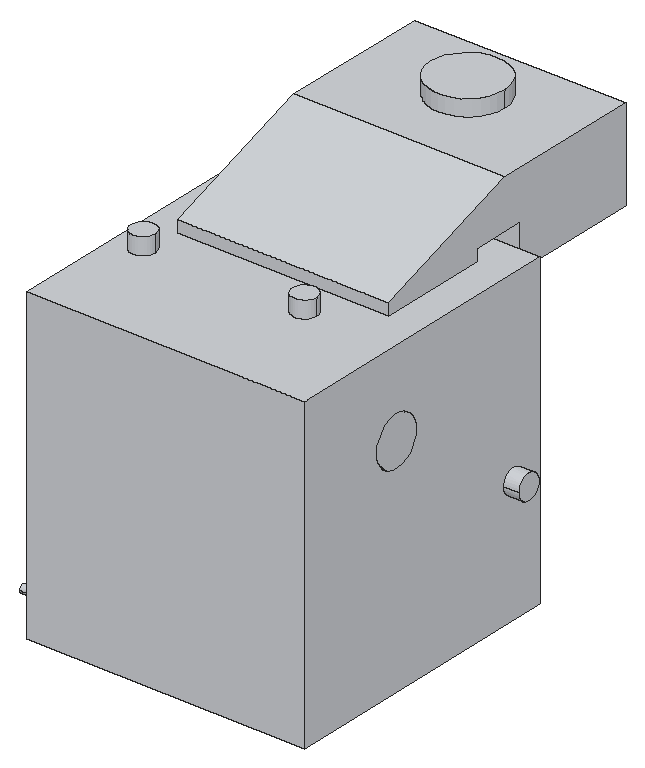
Revit family "a793b1f06b3e4c01b6c69fdbc7901ceb", category Mechanical Equipment, Revit 2021
Family settings
  Round Connector Dimension = Use Radius
  Part Type = Normal
  OmniClass Number = 23.75.10.11.14.11
  OmniClass Title = Cast-Iron Boilers
  Seek Item ID = Gas Fired Boiler - Cast Iron - 320-562 MBH-0000-USA-ENU
  Work Plane-Based = No
  Always vertical = Yes
  Cut with Voids When Loaded = No
  Shared = No
  Room Calculation Point = No
Parameters (values of type "320 MBH")
  Water Flow [instance] = 4.2 GPM
  Vent Radius = 4 1/2"
  Vent Length = 1' - 5"
  Vent Diameter = Vent Radius * 2  # 9"
  Temperature Rise [instance] = 60 °F
  Supply Length = 1' - 7 3/4"
  Water Pressure Drop [instance] = 40.00 psi
  Output Heat [instance] = 320800 Btu/h
  Input Heat [instance] = 401000.0 Btu/h
  Gas Radius = 1/2"
  Gas Flow [instance] = 0.44 GPM
  Gas Diameter = Gas Radius * 2  # 1"
  Hot Water Radius = 1 1/2"
  Hot Water Diameter = Hot Water Radius * 2  # 3"
  Exhaust Air Flow [instance] = 0 CFM
  Default Elevation = 0' - 0"
  Cold Water Radius = 1 1/2"
  Cold Water Diameter = Cold Water Radius * 2  # 3"
  Drafthood Length = 2' - 1 205/256"
  Boiler Material = none
  Boiler Length = 2' - 10"
  BHP [instance] = 9.58
Types (6): name | Water Flow | Vent Radius | Vent Length | Vent Diameter | Supply Length | Water Pressure Drop | Output Heat | Input Heat | Gas Radius | Gas Flow | Gas Diameter | Drafthood Length | Boiler Length | BHP
  (no name) | 4.2 GPM | 4 1/2" | 1' - 5" | 9" | 1' - 7 3/4" | 40.00 psi | 320800 Btu/h | 401000.0 Btu/h | 1/2" | 0.44 GPM | 1" | 2' - 1 205/256" | 2' - 10" | 9.58
  320 MBH | 4.2 GPM | 4 1/2" | 1' - 5" | 9" | 1' - 7 3/4" | 40.00 psi | 320800 Btu/h | 401000.0 Btu/h | 1/2" | 0.44 GPM | 1" | 2' - 1 205/256" | 2' - 10" | 9.58
  374 MBH | 4.2 GPM | 5" | 1' - 7 3/4" | 10" | 2' - 8 1/4" | 40.00 psi | 374400 Btu/h | 468000.0 Btu/h | 1/2" | 0.44 GPM | 1" | 2' - 7 51/256" | 3' - 3 3/8" | 11.04
  437 MBH | 5.0 GPM | 6" | 1' - 10 3/8" | 12" | 3' - 2 3/8" | 12.00 psi | 436800 Btu/h | 546000.0 Btu/h | 1/2" | 0.44 GPM | 1" | 3' - 0 77/128" | 3' - 8 3/4" | 12.88
  499 MBH | 5.0 GPM | 6" | 2' - 1 1/8" | 12" | 3' - 7 3/4" | 12.00 psi | 499200 Btu/h | 624000.0 Btu/h | 5/8" | 0.9 GPM | 1 1/4" | 3' - 6 13/128" | 4' - 2 1/4" | 14.73
  562 MBH | 5.0 GPM | 6" | 2' - 3 7/8" | 12" | 4' - 1 1/4" | 12.00 psi | 561600 Btu/h | 702000.0 Btu/h | 5/8" | 0.9 GPM | 1 1/4" | 3' - 11 1/2" | 4' - 7 3/4" | 16.57
Reference planes (in)
  plane 1 "Center (Front/Back)": y = 0
  plane 2: z = 0
  plane 3 "Center (Left/Right)": x = 0
  plane 4: x = 34
  plane 5: y = 36
  plane 6: z = 38
  plane 7: z = 4
  plane 8: y = 2
  plane 9: x = -2
  plane 10: y = 31.8125
  plane 11: z = 15.375
  plane 12: x = 3.25
  plane 13: y = 13.75
  plane 14: z = 40
  plane 15: x = 23
  plane 16: x = 17
  plane 17: x = 4.09961
  plane 18: x = 29.90039
  plane 19: z = 27.5
  plane 20: y = 14
  plane 21: y = 54.1875
  plane 22: z = 34.1875
  plane 23: z = 45.4375
  plane 24: y = 38
  plane 25: y = 31.4375
  plane 26: y = 18
  plane 27: z = 39.5
  plane 28: y = 35.75
  plane 29: y = 46.1875
  plane 30: z = 47.4375
  plane 31: x = 36
Forms (in)
  Extrusion 1, solid, material <- "Boiler Material"
    sketch origin (0, 0, 0) x (1, 0, 0) y (0, 1, 0)
      loop
        line (0, 36) -> (0, 0) -> (34, 0) -> (34, 36) -> (0, 36)
    from 0 to 38
  Extrusion 2, solid, material <- "Boiler Material"
    sketch origin (0, 0, 0) x (0, 1, 0) y (0, 0, 1)
      loop
        circle (2, 4) r 0.5
    from 0 to -2
  Extrusion 3, solid, material <- "Boiler Material"
    sketch origin (0, 0, 0) x (0, 1, 0) y (0, 0, 1)
      loop
        circle (31.8125, 15.375) r 1.5
    from 0 to -2
  Extrusion 4, solid, material <- "Boiler Material"
    sketch origin (0, 0, 0) x (1, 0, 0) y (0, 1, 0)
      loop
        circle (3.25, 13.75) r 1.5
    from 38 to 40
  Extrusion 5, solid, material <- "Boiler Material"
    sketch origin (0, 0, 0) x (1, 0, 0) y (0, 1, 0)
      loop
        circle (23, 13.75) r 1.5
    from 38 to 40
  Extrusion 6, solid, material <- "Boiler Material"
    sketch origin (0, 0, 0) x (0, 1, 0) y (0, 0, 1)
      loop
        circle (14, 27.5) r 3
    from 0 to 17
  Extrusion 7, solid, material <- "Boiler Material", detail levels fine
    sketch origin (0, 0, 0) x (0, 1, 0) y (0, 0, 1)
      loop
        line (18, 38) -> (31.4375, 38) -> (31.4375, 39.5) -> (38, 39.5) -> (38, 34.1875) -> (54.1875, 34.1875) -> (54.1875, 45.4375) -> (35.75, 45.4375) -> (18, 39.5) -> (18, 38)
    from 4.09961 to 29.90039
  Extrusion 8, solid, material <- "Boiler Material"
    sketch origin (0, 0, 0) x (1, 0, 0) y (0, 1, 0)
      loop
        circle (17, 46.1875) r 4.5
    from 45.4375 to 47.4375
  Extrusion 9, solid, material <- "Boiler Material"
    sketch origin (34, 0, 0) x (0, 1, 0) y (0, 0, -1)
      loop
        circle (31.8125, -15.375) r 1.5
    from 0 to -2
  Extrusion 10, solid, material <- "Boiler Material"
    sketch origin (44.75, 0, 0) x (0, 1, 0) y (0, 0, -1)
      loop
        circle (14, -27.5) r 3
    from 10.75 to 27.75
  Extrusion 11, solid, material <- "Boiler Material", detail levels coarse+medium
    sketch origin (0, 57.68752, 4) x (0, 1, 0) y (-1, 0, 0)
      loop
        line (-3.50002, -4.09961) -> (-21.68752, -4.09961) -> (-21.68752, -29.90039) -> (-3.50002, -29.90039) -> (-3.50002, -4.09961)
    from 30.1875 to 41.4375
  Extrusion 12, solid, material <- "Boiler Material", detail levels coarse+medium
    sketch origin (0, 57.68752, 4) x (0, 1, 0) y (-1, 0, 0)
      loop
        line (-21.68752, -4.09961) -> (-39.68752, -4.09961) -> (-39.68752, -29.90039) -> (-21.68752, -29.90039) -> (-21.68752, -4.09961)
    from 34 to 41.4375
  Extrusion 13, solid, material <- "Boiler Material", detail levels fine
    sketch origin (0, 0, 0) x (0, 1, 0) y (0, 0, 1)
      loop
        circle (31.8125, 15.375) r 1.5
    from 34 to 36
  Extrusion 14, solid, material <- "Boiler Material", detail levels fine
    sketch origin (0, 0, 0) x (0, 1, 0) y (0, 0, 1)
      loop
        circle (31.8125, 15.375) r 1.5
      loop
        circle (2, 4) r 0.5
    from -2 to 0
Cuts and joins
  joined: Extrusion 1, Extrusion 4, Extrusion 5, Extrusion 8
  joined: Extrusion 11, Extrusion 12
  joined: Extrusion 2, Extrusion 3, Extrusion 9
Lines and regions (in)
  model lines, detail levels coarse+medium
    curve 1: line (0, 2, 4) -> (-2, 2, 4)
    curve 2: line (0, 31.8125, 15.375) -> (-2, 31.8125, 15.375)
    curve 3: line (36, 31.8125, 15.375) -> (34, 31.8125, 15.375)
  model lines, detail levels coarse
    curve 4: line (17, 46.1875, 45.4375) -> (17, 46.1875, 47.4375)
  symbolic lines, detail levels fine
    curve 5: line (0, 33.3125, 4) -> (-2, 33.3125, 4)
    curve 6: line (-2, 33.3125, 4) -> (-2, 30.3125, 4)
    curve 7: line (-2, 30.3125, 4) -> (0, 30.3125, 4)
    curve 8: line (34, 33.3125, 4) -> (36, 33.3125, 4)
    curve 9: line (36, 33.3125, 4) -> (36, 30.3125, 4)
    curve 10: line (36, 30.3125, 4) -> (34, 30.3125, 4)
    curve 11: line (0, 2.5, 4) -> (-2, 2.5, 4)
    curve 12: line (-2, 2.5, 4) -> (-2, 1.5, 4)
    curve 13: line (-2, 1.5, 4) -> (0, 1.5, 4)
Dimensions and locks (in)
  locked: plane 6 to plane 2 at 38
  locked: plane 5 to plane 1 "Center (Front/Back)" at 36
  "Boiler Length": plane 4 to plane 3 "Center (Left/Right)"
  locked: plane 7 to plane 2 at 4
  locked: plane 8 to plane 1 "Center (Front/Back)" at 2
  locked: plane 3 "Center (Left/Right)" to plane 9 at 2
  locked: plane 5 to plane 10 at 4.1875
  locked: plane 11 to plane 2 at 15.375
  locked: plane 12 to plane 3 "Center (Left/Right)" at 3.25
  locked: plane 13 to plane 1 "Center (Front/Back)" at 13.75
  locked: plane 14 to plane 6 at 2
  "Supply Length": plane 15 to plane 12
  "Vent Length": plane 4 to plane 16
  "Drafthood Length": plane 18 to plane 17
  equal spacing: plane 18, plane 16, plane 17
  locked: plane 19 to plane 2 at 27.5
  locked: plane 20 to plane 1 "Center (Front/Back)" at 14
  locked: plane 21 to plane 1 "Center (Front/Back)" at 54.1875
  locked: plane 22 to plane 2 at 34.1875
  locked: plane 23 to plane 22 at 11.25
  locked: plane 21 to plane 24 at 16.1875
  locked: plane 24 to plane 25 at 6.5625
  locked: plane 25 to plane 26 at 13.4375
  locked: plane 27 to plane 6 at 1.5
  locked: plane 28 to plane 26 at 17.75
  locked: plane 29 to plane 1 "Center (Front/Back)" at 46.1875
  locked: plane 30 to plane 23 at 2
  locked: plane 31 to plane 4 at 2
  "Gas Radius": radius of Extrusion 2 sketch curve
  "Cold Water Radius": radius of Extrusion 3 sketch curve
  "Hot Water Radius": radius of Extrusion 4 sketch curve
  "Hot Water Radius": radius of Extrusion 5 sketch curve
  radius of Extrusion 6 sketch curve = 0' - 3"
  "Vent Radius": radius of Extrusion 8 sketch curve
  "Cold Water Radius": radius of Extrusion 9 sketch curve
  radius of Extrusion 10 sketch curve = 0' - 3"
  "Cold Water Radius": radius of Extrusion 13 sketch curve
  "Cold Water Radius": radius of Extrusion 14 sketch curve
  "Gas Radius": radius of Extrusion 14 sketch curve
  aligned and locked: Extrusion 1 to plane 5
  aligned and locked: plane 1 "Center (Front/Back)" to Extrusion 1
  aligned and locked: Extrusion 1 to plane 3 "Center (Left/Right)"
  aligned and locked: plane 4 to Extrusion 1
  aligned and locked: plane 6 to Extrusion 1
  aligned and locked: Extrusion 1 to plane 2
  aligned and locked: plane 8 to Extrusion 2 sketch curve
  aligned and locked: plane 7 to Extrusion 2 sketch curve
  aligned and locked: Extrusion 2 to plane 9
  aligned and locked: plane 3 "Center (Left/Right)" to Extrusion 2
  aligned and locked: plane 10 to Extrusion 3 sketch curve
  aligned and locked: plane 11 to Extrusion 3 sketch curve
  aligned and locked: Extrusion 3 to plane 9
  aligned and locked: plane 3 "Center (Left/Right)" to Extrusion 3
  aligned and locked: plane 13 to Extrusion 4 sketch curve
  aligned and locked: plane 12 to Extrusion 4 sketch curve
  aligned and locked: plane 14 to Extrusion 4
  aligned and locked: Extrusion 4 to plane 6
  aligned and locked: plane 15 to Extrusion 5 sketch curve
  aligned and locked: plane 13 to Extrusion 5 sketch curve
  aligned and locked: plane 14 to Extrusion 5
  aligned and locked: Extrusion 5 to plane 6
  aligned and locked: plane 20 to Extrusion 6 sketch curve
  aligned and locked: plane 19 to Extrusion 6 sketch curve
  aligned and locked: Extrusion 6 to plane 3 "Center (Left/Right)"
  aligned and locked: plane 16 to Extrusion 6
  aligned and locked: plane 23 to Extrusion 7
  aligned and locked: Extrusion 7 to plane 21
  aligned and locked: Extrusion 7 to plane 22
  aligned and locked: plane 24 to Extrusion 7
  aligned and locked: Extrusion 7 to plane 27
  aligned and locked: Extrusion 7 to plane 25
  aligned and locked: Extrusion 7 to plane 6
  aligned and locked: plane 26 to Extrusion 7
  aligned and locked: plane 18 to Extrusion 7
  aligned and locked: Extrusion 7 to plane 17
  aligned and locked: plane 16 to Extrusion 8 sketch curve
  aligned and locked: plane 29 to Extrusion 8 sketch curve
  aligned and locked: plane 23 to Extrusion 8
  aligned and locked: plane 30 to Extrusion 8
  aligned and locked: plane 31 to Extrusion 9
  aligned and locked: Extrusion 9 to plane 4
  aligned and locked: plane 10 to Extrusion 9 sketch curve
  aligned and locked: plane 11 to Extrusion 9 sketch curve
  aligned and locked: Extrusion 10 to plane 16
  aligned and locked: plane 4 to Extrusion 10
  aligned and locked: plane 20 to Extrusion 10 sketch curve
  aligned and locked: plane 19 to Extrusion 10 sketch curve
  aligned and locked: plane 3 "Center (Left/Right)" to curve 1
  aligned and locked: plane 9 to curve 1
  aligned and locked: plane 7 to curve 1
  aligned and locked: plane 3 "Center (Left/Right)" to curve 2
  aligned and locked: plane 9 to curve 2
  aligned and locked: curve 2 to plane 10
  aligned and locked: plane 4 to curve 3
  aligned and locked: plane 31 to curve 3
  aligned and locked: curve 3 to plane 10
  aligned and locked: plane 23 to curve 4
  aligned and locked: plane 30 to curve 4
  aligned and locked: plane 16 to curve 4
  aligned and locked: Extrusion 11 sketch curve to Extrusion 7  (x3)
  aligned and locked: Extrusion 11 to plane 22
  aligned and locked: plane 23 to Extrusion 11
  aligned and locked: Extrusion 11 sketch curve to plane 5
  aligned and locked: Extrusion 11 to Extrusion 12 sketch curve
  aligned and locked: Extrusion 12 sketch curve to Extrusion 11
  aligned and locked: Extrusion 12 sketch curve to Extrusion 7  (x2)
  aligned and locked: Extrusion 12 to plane 6
  aligned and locked: plane 23 to Extrusion 12
  aligned and locked: cut or joined group of Extrusion 2, Extrusion 3, Extrusion 9 to curve 5
  aligned and locked: curve 5 to cut or joined group of Extrusion 2, Extrusion 3, Extrusion 9
  aligned and locked: cut or joined group of Extrusion 2, Extrusion 3, Extrusion 9 to curve 7
  aligned and locked: curve 8 to cut or joined group of Extrusion 2, Extrusion 3, Extrusion 9
  aligned and locked: cut or joined group of Extrusion 2, Extrusion 3, Extrusion 9 to curve 8
  aligned and locked: curve 10 to cut or joined group of Extrusion 2, Extrusion 3, Extrusion 9
  aligned and locked: cut or joined group of Extrusion 2, Extrusion 3, Extrusion 9 to curve 11
  aligned and locked: curve 11 to cut or joined group of Extrusion 2, Extrusion 3, Extrusion 9
  aligned and locked: cut or joined group of Extrusion 2, Extrusion 3, Extrusion 9 to curve 13
  aligned and locked: plane 10 to Extrusion 13 sketch curve
  aligned and locked: plane 11 to Extrusion 13 sketch curve
  aligned and locked: plane 10 to Extrusion 14 sketch curve
  aligned and locked: plane 11 to Extrusion 14 sketch curve
  aligned and locked: plane 8 to Extrusion 14 sketch curve
  aligned and locked: plane 7 to Extrusion 14 sketch curve
  aligned and locked: Extrusion 14 to plane 9
  aligned and locked: plane 3 "Center (Left/Right)" to Extrusion 14
  aligned and locked: plane 31 to Extrusion 13
  aligned and locked: Extrusion 13 to plane 4
Automatic sketch dimensions
  Extrusion 1 sketch curve to plane 1 "Center (Front/Back)" = 0' - 0"
  Extrusion 1 sketch curve to plane 3 "Center (Left/Right)" = 0' - 0"
  Extrusion 1 sketch curve to plane 4 = 0' - 0"
  Extrusion 1 sketch curve to plane 5 = 0' - 0"
  Extrusion 7 sketch curve to plane 6 = 0' - 0"
  Extrusion 7 sketch curve to plane 26 = 0' - 0"
  Extrusion 7 sketch curve to plane 25 = 0' - 0"
  Extrusion 7 sketch curve to plane 23 = 0' - 0"
  Extrusion 7 sketch curve to plane 28 = 0' - 0"
  Extrusion 7 sketch curve to plane 22 = 0' - 0"
  Extrusion 7 sketch curve to plane 24 = 0' - 0"
  Extrusion 7 sketch curve to plane 21 = 0' - 0"
  Extrusion 7 sketch curve to plane 27 = 0' - 0"  (x2)
  curve 2 to plane 3 "Center (Left/Right)" = 0' - 0"
  curve 2 to plane 9 = 0' - 0"
  plane 8 to curve 13 = 0' - 0 1/2"
  curve 11 to plane 8 = 0' - 0 1/2"
  plane 25 to curve 6 = 0' - 1 1/8"
  plane 25 to curve 9 = 0' - 1 1/8"
  curve 8 to plane 10 = 0' - 1 1/2"
  curve 6 to plane 10 = 0' - 1 1/2"
Connectors (in)
  piping at (3.25, 13.75, 40), diameter 3, driven by "Water Flow", driven by "Water Pressure Drop", driven by "Hot Water Radius"
    settings: on Extrusion 4, index 1, connector inside diameter 3", connector length 0' - 0", flow factor 0, pipe flow 4.2 GPM, pressure drop 40.00 psi, fitting loss kfactor 0, connector angle 0.00°, fixture units 0, engagement length 0' - 0", angle of deflection 0.00°, flow configuration 0, flow direction 2, fitting loss method 4, system type 7, joint type 0, gender type 0, connector reference index -1, connector utility 0, adjustable connector no, is connector primary yes, connector description "Hot Water Out"
  piping at (23, 13.75, 40), diameter 3, driven by "Water Flow", driven by "Water Pressure Drop", driven by "Hot Water Radius"
    settings: on Extrusion 5, index 2, connector inside diameter 3", connector length 0' - 0", flow factor 0, pipe flow 4.2 GPM, pressure drop 40.00 psi, fitting loss kfactor 0, connector angle 0.00°, fixture units 0, engagement length 0' - 0", angle of deflection 0.00°, flow configuration 0, flow direction 2, fitting loss method 4, system type 7, joint type 0, gender type 0, connector reference index -1, connector utility 0, adjustable connector no, is connector primary no, connector description "Hot Water Out"
  piping at (36, 31.8125, 15.375), diameter 3, driven by "Cold Water Radius", driven by "Water Flow"
    settings: on Extrusion 9, index 3, connector inside diameter 3", connector length 0' - 0", flow factor 0, pipe flow 4.2 GPM, pressure drop 0.00 psi, fitting loss kfactor 0, connector angle 0.00°, fixture units 0, engagement length 0' - 0", angle of deflection 0.00°, flow configuration 0, flow direction 1, fitting loss method 0, system type 8, joint type 0, gender type 0, connector reference index -1, connector utility 0, adjustable connector no, is connector primary no, connector description "Cold Water In"
  piping at (-2, 31.8125, 15.375), diameter 3, driven by "Cold Water Radius", driven by "Water Flow"
    settings: on Extrusion 3, index 4, connector inside diameter 3", connector length 0' - 0", flow factor 0, pipe flow 4.2 GPM, pressure drop 0.00 psi, fitting loss kfactor 0, connector angle 0.00°, fixture units 0, engagement length 0' - 0", angle of deflection 0.00°, flow configuration 0, flow direction 1, fitting loss method 0, system type 8, joint type 0, gender type 0, connector reference index -1, connector utility 0, adjustable connector no, is connector primary no, connector description "Cold Water In"
  piping at (-2, 2, 4), diameter 1, driven by "Gas Flow", driven by "Gas Radius"
    settings: on Extrusion 2, index 5, connector inside diameter 1", connector length 0' - 0", flow factor 0, pipe flow 0.44 GPM, pressure drop 0.00 psi, fitting loss kfactor 0, connector angle 0.00°, fixture units 0, engagement length 0' - 0", angle of deflection 0.00°, flow configuration 1, flow direction 1, fitting loss method 0, system type 22, joint type 0, gender type 0, connector reference index -1, connector utility 0, adjustable connector no, is connector primary no, connector description "Gas In"
  hvac at (17, 46.1875, 47.4375), driven by "Exhaust Air Flow", driven by "Vent Radius"
    settings: on Extrusion 8, index 6, duct flow 0 CFM, flow factor 0, pres drop 0.00 in-wg, loss coef 0, conn angle 0.00°, conn width 12", conn height 12", conn diameter 9", duct sys type 3, conn prof type 0, flow config 1, flow direction 2, loss method 0, conn ref index -1, conn util no, is conn primary yes, conn desc ""
  piping at (0, 14, 27.5), diameter 1.5
    settings: on Extrusion 6, index 7, connector inside diameter 1 1/2", connector length 0' - 0", flow factor 0, pipe flow 0.0 GPM, pressure drop 0.00 psi, fitting loss kfactor 0, connector angle 0.00°, fixture units 0, engagement length 0' - 0", angle of deflection 0.00°, flow configuration 1, flow direction 2, fitting loss method 0, system type 16, joint type 0, gender type 0, connector reference index -1, connector utility 0, adjustable connector yes, is connector primary no, connector description "Drain Out"
  piping at (34, 14, 27.5), diameter 1.5
    settings: on Extrusion 10, index 8, connector inside diameter 1 1/2", connector length 0' - 0", flow factor 0, pipe flow 0.0 GPM, pressure drop 0.00 psi, fitting loss kfactor 0, connector angle 0.00°, fixture units 0, engagement length 0' - 0", angle of deflection 0.00°, flow configuration 1, flow direction 2, fitting loss method 0, system type 16, joint type 0, gender type 0, connector reference index -1, connector utility 0, adjustable connector yes, is connector primary no, connector description "Drain Out"
  electrical at (34, 18, 19)
    settings: on Extrusion 1, index 9, voltage 0 V, apparent load 0 VA, apparent load phase1 0 VA, apparent load phase2 0 VA, apparent load phase3 0 VA, power factor 1, load classification "Other", number of poles 1, system type 13, power factor state 1, is connector primary yes, connector utility no, sub classification motor no, connector description ""
